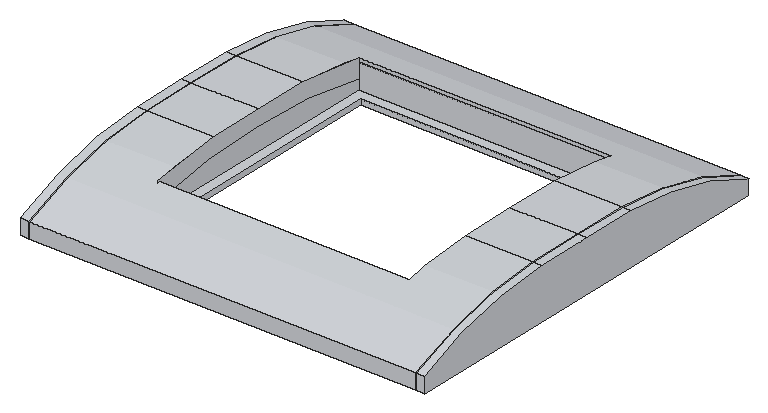
Revit family "Gira_0211766", category Electrical Fixtures, host Face, Revit 2017
Family settings
  Host = Face
  Maintain Annotation Orientation = No
  Round Connector Dimension = Use Diameter
  Part Type = Normal
  Cut with Voids When Loaded = No
  Shared = No
  Room Calculation Point = No
Parameters (values of type "Cov.fr. 1-g interm.fr. CAl Gira Event Clear brown")
  With mounting grid = "No"
  With hinged lid = "No"
  URL = "http://katalog.gira.de/en/datenblatt.html?artikelnr=0211766"
  Type of fastening = "Clamp mounting"
  Transparent = "No"
  Surface protection = "Other"
  Surface finishing = "Glossy"
  Suitable for wall duct = "No"
  Suitable for flush-mounted installation = "Yes"
  Suitable for floor box = "No"
  Suitable for built-in installation = "No"
  Number of units vertical = "1"
  Number of units horizontal = "1"
  Number of units = "1"
  Name = "Cov.fr. 1-g interm.fr. CAl Gira Event Clear brown"
  Mounting direction = "Horizontal and vertical"
  Material quality = "Thermoplastic"
  Material = "Plastic"
  Manufacturer URL = "https://www.gira.de/"
  Manufacturer = "Gira"
  Label space/information surface = "No"
  Keynote = ""
  HeinzeBIM = "https://bimportal.heinze.de/bim/cov-fr-1-g-interm-fr-cal-gira-event-clear-brown/0da127c1c156799cff925c4a880ad3aeac5c7916"
  Halogen free = "Yes"
  HAN = "0211766"
  GTIN = "4010337069393"
  Description = "Cov.fr.1g i.fr.CAl EvCl BN,Gira Event Clear cover frame,brown with colour aluminium intermediate frame,1-gang,Features:,- Shatter-proof."
  Degree of protection (IP) = "IP20"
  Default Elevation = 1219.2 mm
  Data sheet (1) = "https://katalog.gira.de/en/download.html?artikelnr=0211766"
  Colour = "Brown"
  Category = "Cover frame for domestic switching devices"
  BIM (1) = "https://media.stage.bim.site/public/gira/36a6b08/Event_Rahmen_1fach.rfa"
  Available = "No"
Reference planes
  plane 1 "Center (Front/Back)": y = 0
  plane 2: z = 0
  plane 3 "Center (Left/Right)": x = 0
Forms (mm)
  Extrusion 1, solid, detail levels fine
    sketch origin (0, 0, 1.55) x (0, 1, 0) y (0, 0, 1)
      loop
        arc (12.445, 9.683) -> (6.223, 9.833) -> (0, 9.85) r 291.636
        arc (0, 9.85) -> (-6.223, 9.833) -> (-12.445, 9.683) r 291.636
        arc (-12.445, 9.683) -> (-29.14, 7.482) -> (-45, 1.823) r 79.728
        line (-45, 1.823) -> (-45, -1.55) -> (-41.777, -1.55) -> (-41.777, -0.55)
        arc (-41.777, -0.55) -> (-21.205, 4.846) -> (0, 6.467) r 118.15
        arc (0, 6.467) -> (21.205, 4.846) -> (41.777, -0.55) r 118.15
        line (41.777, -0.55) -> (41.777, -1.55) -> (45, -1.55) -> (45, 1.823)
        arc (45, 1.823) -> (29.14, 7.482) -> (12.445, 9.683) r 79.728
    from -43 to 43
  Extrusion 2, void, detail levels fine
    sketch origin (0, 0, 0) x (1, 0, 0) y (0, 1, 0)
      loop
        line (-28, -28) -> (28, -28) -> (28, 28) -> (-28, 28) -> (-28, -28)
    from 2.85 to 12
  Extrusion 3, solid, detail levels coarse
    sketch origin (0, 0, 0) x (1, 0, 0) y (0, 1, 0)
      loop
        line (-45, 45) -> (-45, -45) -> (45, -45) -> (45, 45) -> (-45, 45)
    from 0 to 11.4
  Extrusion 4, solid, detail levels medium
    sketch origin (0, 0, 1.55) x (0, 1, 0) y (0, 0, 1)
      loop
        arc (12.445, 9.683) -> (6.223, 9.833) -> (0, 9.85) r 291.636
        arc (0, 9.85) -> (-6.223, 9.833) -> (-12.445, 9.683) r 291.636
        arc (-12.445, 9.683) -> (-29.14, 7.482) -> (-45, 1.823) r 79.728
        line (-45, 1.823) -> (-45, -1.55) -> (45, -1.55) -> (45, 1.823)
        arc (45, 1.823) -> (29.14, 7.482) -> (12.445, 9.683) r 79.728
    from -45 to 45
  Extrusion 5, solid, detail levels fine
    sketch origin (0, 0, 0) x (0, 1, 0) y (0, 0, 1)
      loop
        arc (45, 3.373) -> (29.14, 9.032) -> (12.445, 11.233) r 79.728
        arc (12.445, 11.233) -> (6.223, 11.383) -> (0, 11.4) r 291.636
        arc (0, 11.4) -> (-6.223, 11.383) -> (-12.445, 11.233) r 291.636
        arc (-12.445, 11.233) -> (-29.14, 9.032) -> (-45, 3.373) r 79.728
        line (-45, 3.373) -> (-45, 0) -> (45, 0) -> (45, 3.373)
    from 43 to 45
  Extrusion 6, solid, detail levels fine
    sketch origin (0, 0, 0) x (0, 1, 0) y (0, 0, -1)
      loop
        line (45, -3.373) -> (45, 0) -> (-45, 0) -> (-45, -3.373)
        arc (-45, -3.373) -> (-29.14, -9.032) -> (-12.445, -11.233) r 79.728
        arc (-12.445, -11.233) -> (-6.223, -11.383) -> (0, -11.4) r 291.636
        arc (0, -11.4) -> (6.223, -11.383) -> (12.445, -11.233) r 291.636
        arc (12.445, -11.233) -> (29.14, -9.032) -> (45, -3.373) r 79.728
    from 43 to 45
  Extrusion 7, solid, detail levels fine
    sketch origin (0, 0, 0) x (1, 0, 0) y (0, 1, 0)
      loop
        line (-25.7, 25.7) -> (-25.7, -25.7) -> (25.7, -25.7) -> (25.7, 25.7) -> (-25.7, 25.7)
      loop
        line (-29.495, 27.895) -> (-29.495, -27.895)
        spline (-29.495, -27.895) -> (-29.486, -28.025) -> (-29.461, -28.154) -> (-29.419, -28.278) -> (-29.361, -28.395) -> (-29.288, -28.504) -> (-29.202, -28.602) -> (-29.104, -28.688) -> (-28.995, -28.761) -> (-28.878, -28.819) -> (-28.754, -28.861) -> (-28.625, -28.886) -> (-28.495, -28.895)
        line (-28.495, -28.895) -> (28.495, -28.895)
        spline (28.495, -28.895) -> (28.625, -28.886) -> (28.754, -28.861) -> (28.878, -28.819) -> (28.995, -28.761) -> (29.104, -28.688) -> (29.202, -28.602) -> (29.288, -28.504) -> (29.361, -28.395) -> (29.419, -28.278) -> (29.461, -28.154) -> (29.486, -28.025) -> (29.495, -27.895)
        line (29.495, -27.895) -> (29.495, 27.895)
        spline (29.495, 27.895) -> (29.486, 28.025) -> (29.461, 28.154) -> (29.419, 28.278) -> (29.361, 28.395) -> (29.288, 28.504) -> (29.202, 28.602) -> (29.104, 28.688) -> (28.995, 28.761) -> (28.878, 28.819) -> (28.754, 28.861) -> (28.625, 28.886) -> (28.495, 28.895)
        line (28.495, 28.895) -> (-28.495, 28.895)
        spline (-28.495, 28.895) -> (-28.625, 28.886) -> (-28.754, 28.861) -> (-28.878, 28.819) -> (-28.995, 28.761) -> (-29.104, 28.688) -> (-29.202, 28.602) -> (-29.288, 28.504) -> (-29.361, 28.395) -> (-29.419, 28.278) -> (-29.461, 28.154) -> (-29.486, 28.025) -> (-29.495, 27.895)
    from 1.673 to 8.5
Cuts and joins
  Extrusion 2 cuts Extrusion 1
  Extrusion 2 cuts Extrusion 7
Dimensions and locks
  aligned and locked: plane 2 to host face
  aligned and locked: level to host face
